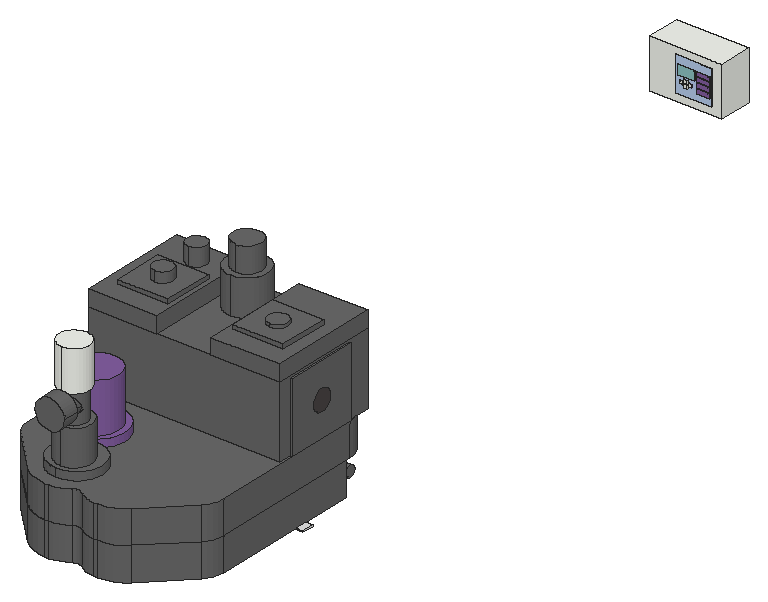
Revit family "11020", category Generic Models, Revit 2021
Family settings
  Can host rebar = No
  Round Connector Dimension = Use Diameter
  Part Type = Normal
  Work Plane-Based = No
  Always vertical = Yes
  Cut with Voids When Loaded = No
  Shared = Yes
  Room Calculation Point = No
Parameters (values of type "11020")
  SUPPLIER = "KESSEL"
  SA700ID49 = "Protection Class I"
  SA700ID48 = "no"
  SA700ID47 = "no"
  SA700ID46 = "yes"
  SA700ID37 = 8000 mm
  SA700ID34 = 40
  SA700ID33 = 1.4 W
  SA700ID32 = 65.03 kg
  SA700ID31 = 1
  SA700ID30 = 1
  SA700ID29 = "RWDR"
  SA700ID21 = 800
  SA700ID10 = "yes"
  SA700ID08 = 400 V
  PROCUREWEBLINK = "https://p.caden.as/kessel/11020"
  PROCURELINK = "p.caden.as/kessel/11020"
  PROCUREDATALASTUPDATE = "2024-05-22T12:18:06.560698681+01:00"
  PREVIEW = "../../_pool_/84/ec/11020.png"
  PRC_SPECIFICATIONLINK = "https://ausschreiben.de/catalog/kessel/catalogItem/b0c105b2-e316-4657-9f4d-a2ca2e2f7594"
  NN = "Lifting station Aqualift F XL"
  NBSYN = "$SA810ID03."
  NB = "11020"
  Model = "11020"
  Manufacturer = "KESSEL"
  MIdent = "{$CADENAS_DATA/23d-libs/kessel/kessel_vdi_import/4/entwaesserung/hebeanlage20aqualift20f20xl.prj},200 {STYP=ASS},{VTYP=3D},{NB=11020},{LINA=11020},{NN=Lifting station Aqualift F XL},{DATE=21.11.2022 10:48:11},{GEOMDATE=21.11.2022 10:48:11},{VERSION=},{LINEID=30},{WBVAR=LODLEVEL},{WBNUMERIC=LODLEVEL}  {NB=11020},{LINA=11020},{KT=DUMMY},{PREVIEW=../../_pool_/84/ec/11020.png},{SA700ID04=Hebeanlage Aqualift F XL 200 l, Mono, SPF 1500-S3, Schieber},{SA810ID06=04026092056875},{SA700ID34=40.00},{SA010ID03=201805},{SA810ID03=11020},{SA810ID10=Aqualift F XL 1500W-S3 Mono 200L m.S.KESSEL Aqualift F XL Hebeanlage für fäkalienhaltiges und fäkalienfreies Abwasser. Zur Aufstellung in frostgeschützten Räumen.Monoanlage mit einer Pumpe des Typs SPF 1500-S3 Sammelbehälter aus Polyethylen, mit verschraubter Reinigungsöffnung,Anschlussstutzen für Zulauf von oben DN100/150.Inklusive Tauchrohr zur pneumatischen Niveauerfassung,Entlüftungsanschluss DN 70 und Anschluss für eine Handmembranpumpe DN 32.Behälter inklusive Haltewinkel zur Auftriebssicherung.Behältervolumen 200 Liter, max. Nutzvolumen bei Zulauf von oben ca. 120 Liter.Zwei seitliche und zwei rückseitige Anbohrflächen zur Montage weiterer Zuläufe bis DN 200 unter Verwendung von Durchgangsdichtungen.Inklusive KESSEL Schaltgerät Aqualift Comfort 400 V.Anwenderfreundliche Menüführung im mehrzeiligem Display. MitSelbstdiagnosesystem (SDS) und Erinnerungsfunktion für nächste Wartung.Anzeige der aktuellen Messwerte. Einfache Einstellung derfunktionsrelevanten Parameter, inklusive Betriebsstundenzähler und potentialfreiem Kontakt. Optionale Weiterleitung von Alarm- und Sammelstörmeldung über GSM Schnittstelle.Schaltgerät mit Volltextanzeige in sechs Sprachen.Abwasserpumpe(n) mit Freistromrad zur Förderung von fäkalienfreiem und fäkalienhaltigem Abwasser gemäß DIN EN 12050-1. Freier Kugeldurchgang mindestens 40 mm. Pumpe(n) überflutungssicher. Inklusive Rückflussverhinderer, mit Druckabgang aus Kunststoff DN 100. Inklusive Absperrschieber.Pumpe(n) Typ SPF 1500-S3Fördermenge: max. 40 m³/hFörderhöhe: max. 8 mNennleistung (P2): 1,1 KW je PumpeAufnahmeleistung (P1): 1,4 KW je PumpeBetriebsspannung: 400 V DSNennfrequenz: 50 HzNennstrom: 2,7 AAbsicherung: 3 x 16 A trägeSchutzart (Pumpe): IP68 3mWS/48hSchutzart (Schaltgerät): IP 54Bertiebsart: S3 (50 % Einschaltdauer)Kabellänge: 5 mAußenmaße Anlage mit 200 Liter Behälter (BxTxH): 760 x 980 x 770 mm},{SA700ID37=8.00},{SA700ID33=1.40},{SA700ID08=400},{SA700ID30=1},{SA700ID32=65.03},{SA700ID49=Schutzklasse I},{SA700ID50=intern},{SA200ID03=6},{SA250ID03=vertikal},{SA260ID03=Trockenläuferpumpe},{SA350ID03=normalansaugend},{SA400ID03=E-Motor für Drehstrom},{SA460ID03=direkt},{SA500ID03=Kunststoff, Edelstahl},{SA700ID06=100},{SA700ID07=100},{SA700ID09=3/N/PE 400V},{SA700ID10=Ja},{SA700ID11=50},{SA700ID12=IP 68},{SA700ID13=F},{SA700ID15=40},{SA700ID21=800.00},{SA700ID22=1.10},{SA700ID23=1415},{SA700ID24=1415},{SA700ID26=2.70},{SA700ID27=21.00},{SA700ID28=durchgehend},{SA700ID29=RWDR},{SA700ID31=1},{SA700ID46=ja},{SA700ID47=nein},{SA700ID48=nein},{SA110ID04=Hebeanlage Aqualift F XL},{SA300ID03=einstufig},{SA700ID44=10.00},{SA700ID45=10.00},{SA010ID04=KESSEL AG},{LODLEVEL=200},{LINK=https://www.kessel.de/info?han=11020},{SA970ID01=970},{SA970ID02=7127},{SA970ID03=11020},{SA970ID04=11002617},{SA970ID05=QUAD},{SA970ID06=-410},{SA970ID07=-850},{SA970ID08=0},{SA970ID09=1},{SA970ID10=0},{SA970ID11=0},{SA970ID12=0},{SA970ID13=1},{SA970ID14=0},{SA970ID15=820},{SA970ID16=980},{SA970ID17=771},{LODLEVEL_=200,'Low'},{LODLEVEL_DEU=200,'Low'},{LINK_=https://www.kessel.de/info?han=11020},{LINK_DEU=https://www.kessel.de/info?han=11020},{LODLEVEL_3DB=11020_200},{DNIN1=100},{DNIN2=70},{DNIN4=10},{DNIN5=50},{DNIN6=50},{DNIN7=50},{DNIN8=50},{DNIN9=0},{DNOUT1=32},{DNOUT2=100},{DNOUT3=70},{ISD1=96},{ISD2=10},{ISDOUT1=40},{ISDOUT2=70},{ISDOUT3=65},{SA010ID01=010},{SA010ID02=4},{SA010ID06=www.kessel.de},{SA010ID07=www.kessel.de},{SA010ID12=20180713},{SA010ID13=DEU},{SA010ID14=DE},{SA100ID01=100},{SA100ID02=4},{SA100ID04=Entwässerung},{SA110ID01=110},{SA110ID02=6},{SA200ID01=200},{SA200ID02=6},{SA250ID01=250},{SA250ID02=2},{SA260ID01=260},{SA260ID02=2},{SA300ID01=300},{SA300ID02=1},{SA350ID01=350},{SA350ID02=1},{SA400ID01=400},{SA400ID02=2},{SA460ID01=460},{SA460ID02=1},{SA500ID01=500},{SA500ID02=1},{SA700ID01=700},{SA700ID02=45},{SA700ID10_=1},{SA700ID16=0},{SA700ID25=0},{SA700ID46_=1},{SA700ID47_=0},{SA700ID48_=0},{SA700ID49_=1},{SA700ID50_=2},{SA800ID01=800},{SA800ID02=9},{SA810ID01=810},{SA810ID02=45},{SA810ID04=11020},{SA810ID07=45},{SA810ID09=1},{SA810ID14=PCE},{SA810ID15=1},{SA810ID16=NMP},{SA960ID03=45},{SA960ID04=3L},{SA960ID08=https://www.kessel.de/info?han=11020},{SA010ID08=4026092000007},{SA100ID05=Hebeanlage},{SA110ID06=Hebeanlage}"
  LINK = "https://www.kessel.de/info?han=11020"
  LINA = "11020"
  Default Elevation = 0 mm
  CREATOR = "CADENAS GmbH"
  CATALOG = "KESSEL"
  BOMINFO = "LINA"
  ARTICLENO = "NB"
  4.810.00.9 Order quantity (multiplicator) = "1"
  4.810.00.7 Media- connection number = "45"
  4.810.00.6 GTIN number = "04026092056875"
  4.810.00.4 DATANORM number = "11020"
  4.810.00.3 Producer order number = "11020"
  4.710.03.7 Mass (net) = 65.03 kg
  4.710.03.6 Height = 807 mm
  4.710.03.5 Width = 760 mm
  4.710.03.4 Length = 980 mm
  4.710.03.3 Type of dimensions = "2"
  4.710.02.8 Area of application of wastewater pump = "1"
  4.710.02.7 Art des S2/S3-Betriebs = "50 %"
  4.710.02.6 Duty type = "S3"
  4.710.02.5 Cutting device = "0"
  4.710.02.4 Attached pump control = "1"
  4.710.02.3 Free passage = 40 mm
  4.710.01.6 Option to connect to building automation = "40"
  4.710.01.5 Load regulation = "0"
  4.710.01.4 Designation of closed-loop control = "120"
  4.710.01.3 Identifier for closed-loop control = "200"
  4.700.00.9 Voltage = 0
  4.700.00.8 Nominal connection size on suction side = "100"
  4.700.00.7 Nominal connection size on pressure side = "100"
  4.700.00.6 Type of connection = "100"
  4.700.00.4 Product indentification = "Hebeanlage Aqualift F XL 200 l, Mono, SPF 1500-S3, Schieber"
  4.700.00.28 Motor pump shaft = "durchgehend"
  4.700.00.27 Starting current = 21
  4.700.00.26 Maximum power consumption per pump / drive = 2.7
  4.700.00.25 Minimum speed at internal speed adjustment = 0
  4.700.00.24 Nominal speed / maximum speed n = 23.5833
  4.700.00.23 Nominal speed of motor = 23.5833
  4.700.00.22 Maximum shaft output (P2) per pump/drive = 1.1 W
  4.700.00.16 Maximum temperature of pumped medium = 0 °C
  4.700.00.15 Increased safety class = "40 °C"
  4.700.00.13 Type of protection = "F"
  4.700.00.12 Frequency = 0
  4.700.00.11 Stern-/Dreieck-Anlaufschaltung bei Dreiphasenanschluss oder Drehstrom = "50 Hz"
  4.700.00.10 Phase = "1"
  4.500.00.3 Variant / Variant type / Accessories-name = "Kunststoff, Edelstahl"
  4.460.00.3 Variant / Variant type / Accessories-name = "direkt"
  4.400.00.3 Variant / Variant type / Accessories-name = "E-Motor für Drehstrom"
  4.350.00.3 Variant / Variant type / Accessories-name = "normalansaugend"
  4.300.00.3 Variant / Variant type / Accessories-name = "einstufig"
  4.260.00.3 Variant / Variant type / Accessories-name = "Trockenläuferpumpe"
  4.250.00.3 Variant / Variant type / Accessories-name = "vertikal"
  4.200.00.3 Variant / Variant type / Accessories-name = "6"
  4.110.00.6 Product classification = "Hebeanlage"
  4.110.00.4 Product indentification = "Hebeanlage Aqualift F XL"
  4.100.00.5 Main groups of wares = "Hebeanlage"
  4.100.00.4 Product indentification = "Entwässerung"
  4.010.00.8 Producer ID number = "4026092000007"
  4.010.00.7 Comment = "www.kessel.de"
  4.010.00.6 Web address of the manufacturer = "www.kessel.de"
  4.010.00.4 Manufacturer name = "KESSEL AG"
  4.010.00.3 Date of issuance (month) of guideline = "201805"
  4.010.00.2 Sheet number of the guideline = "4"
  4.010.00.14 Kennungen der Projektländer, für die die Datei gültig ist = "DE"
  4.010.00.13 Sprache der Datei = "DEU"
  4.010.00.12 Stand des Herstellerkatalogs = "20180713"
Reference planes
  plane 1 "Center (Front/Back)": y = 0
  plane 2: z = 0
  plane 3 "Center (Left/Right)": x = 0
Forms (mm)
  Extrusion 1, void
    sketch origin (380.5, -115, 392) x (0, -1, 0) y (0, 0, 1)
      loop
        line (-0.5, -0.5) -> (0.5, -0.5) -> (0.5, 0.5) -> (-0.5, 0.5) -> (-0.5, -0.5)
    from 0 to 1
  Extrusion 2, void
    sketch origin (160.15, 130.5, 392) x (1, 0, 0) y (0, 0, 1)
      loop
        line (-0.5, -0.5) -> (0.5, -0.5) -> (0.5, 0.5) -> (-0.5, 0.5) -> (-0.5, -0.5)
    from 0 to 1
  Extrusion 3, void
    sketch origin (-161, 130.5, 392) x (1, 0, 0) y (0, 0, 1)
      loop
        line (-0.5, -0.5) -> (0.5, -0.5) -> (0.5, 0.5) -> (-0.5, 0.5) -> (-0.5, -0.5)
    from 0 to 1
  Extrusion 4, void
    sketch origin (-380.5, -115, 392) x (0, 1, 0) y (0, 0, 1)
      loop
        line (-0.5, -0.5) -> (0.5, -0.5) -> (0.5, 0.5) -> (-0.5, 0.5) -> (-0.5, -0.5)
    from 0 to 1
Dimensions and locks
  locked: plane 2 to Extrusion 1 at 392.5
  locked: plane 2 to Extrusion 1 at 391.5
  locked: plane 2 to Extrusion 2 at 392.5
  locked: plane 2 to Extrusion 2 at 391.5
  locked: plane 2 to Extrusion 3 at 392.5
  locked: plane 2 to Extrusion 3 at 391.5
  locked: plane 2 to Extrusion 4 at 392.5
  locked: plane 2 to Extrusion 4 at 391.5
  aligned and locked: level to plane 2
Nested families
  nested 1: "11020_content" at (0, 0, 0), type "11020_Content"
  nested 2: "11020_part1_X0Y0" at (1000, 1000, 1200), type "11020_PART1_X0Y0"
  nested 3: "11020_part2_X0Y0" at (0, 0, 0), type "11020_PART2_X0Y0"
Connectors
  electrical at (911, 934.75, 1201.5)
    settings: on nested 2, index 1, voltage 0 V, apparent load 0 VA, apparent load phase1 0 VA, apparent load phase2 0 VA, apparent load phase3 0 VA, power factor 1, load classification "Other", number of poles 1, system type 31, power factor state 1, is connector primary yes, connector utility no, sub classification motor no, connector description ""
  piping at (0, 0, 771), diameter 100
    settings: on nested 3, index 2, connector inside diameter 609.6 mm, connector length 0 mm, flow factor 0, pipe flow 0.0 L/s, pressure drop 0.0 Pa, fitting loss kfactor 0, connector angle 0.00°, fixture units 0, engagement length 0 mm, angle of deflection 0.00°, flow configuration 0, flow direction 1, fitting loss method 2, system type 8, joint type 0, gender type 0, connector reference index -1, connector utility 0, adjustable connector no, is connector primary yes, connector description ""
  piping at (380.5, -115, 392), diameter 70
    settings: on Extrusion 1, index 3, connector inside diameter 609.6 mm, connector length 0 mm, flow factor 0, pipe flow 0.0 L/s, pressure drop 0.0 Pa, fitting loss kfactor 0, connector angle 0.00°, fixture units 0, engagement length 0 mm, angle of deflection 0.00°, flow configuration 0, flow direction 0, fitting loss method 2, system type 8, joint type 0, gender type 0, connector reference index -1, connector utility 0, adjustable connector no, is connector primary no, connector description ""
  piping at (160.15, 130.5, 392), diameter 70
    settings: on Extrusion 2, index 4, connector inside diameter 609.6 mm, connector length 0 mm, flow factor 0, pipe flow 0.0 L/s, pressure drop 0.0 Pa, fitting loss kfactor 0, connector angle 0.00°, fixture units 0, engagement length 0 mm, angle of deflection 0.00°, flow configuration 0, flow direction 0, fitting loss method 2, system type 8, joint type 0, gender type 0, connector reference index -1, connector utility 0, adjustable connector no, is connector primary no, connector description ""
  piping at (-161, 130.5, 392), diameter 70
    settings: on Extrusion 3, index 5, connector inside diameter 609.6 mm, connector length 0 mm, flow factor 0, pipe flow 0.0 L/s, pressure drop 0.0 Pa, fitting loss kfactor 0, connector angle 0.00°, fixture units 0, engagement length 0 mm, angle of deflection 0.00°, flow configuration 0, flow direction 0, fitting loss method 2, system type 8, joint type 0, gender type 0, connector reference index -1, connector utility 0, adjustable connector no, is connector primary no, connector description ""
  piping at (-380.5, -115, 392), diameter 70
    settings: on Extrusion 4, index 6, connector inside diameter 609.6 mm, connector length 0 mm, flow factor 0, pipe flow 0.0 L/s, pressure drop 0.0 Pa, fitting loss kfactor 0, connector angle 0.00°, fixture units 0, engagement length 0 mm, angle of deflection 0.00°, flow configuration 0, flow direction 0, fitting loss method 2, system type 8, joint type 0, gender type 0, connector reference index -1, connector utility 0, adjustable connector no, is connector primary no, connector description ""
  piping at (-100, -830, 487), diameter 100
    settings: on nested 3, index 7, connector inside diameter 609.6 mm, connector length 0 mm, flow factor 0, pipe flow 0.0 L/s, pressure drop 0.0 Pa, fitting loss kfactor 0, connector angle 0.00°, fixture units 0, engagement length 0 mm, angle of deflection 0.00°, flow configuration 0, flow direction 2, fitting loss method 2, system type 7, joint type 0, gender type 0, connector reference index -1, connector utility 0, adjustable connector no, is connector primary no, connector description ""
  piping at (-225, 36, 661), diameter 70
    settings: on nested 3, index 8, connector inside diameter 609.6 mm, connector length 0 mm, flow factor 0, pipe flow 0.0 L/s, pressure drop 0.0 Pa, fitting loss kfactor 0, connector angle 0.00°, fixture units 0, engagement length 0 mm, angle of deflection 0.00°, flow configuration 0, flow direction 2, fitting loss method 2, system type 7, joint type 0, gender type 0, connector reference index -1, connector utility 0, adjustable connector no, is connector primary no, connector description ""
  piping at (354.5, 56, 60), diameter 32
    settings: on nested 3, index 9, connector inside diameter 609.6 mm, connector length 0 mm, flow factor 0, pipe flow 0.0 L/s, pressure drop 0.0 Pa, fitting loss kfactor 0, connector angle 0.00°, fixture units 0, engagement length 0 mm, angle of deflection 0.00°, flow configuration 0, flow direction 2, fitting loss method 2, system type 7, joint type 0, gender type 0, connector reference index -1, connector utility 0, adjustable connector no, is connector primary no, connector description ""
  electrical at (-185, -496.75, 477)
    settings: on nested 3, index 10, voltage 0 V, apparent load 0 VA, apparent load phase1 0 VA, apparent load phase2 0 VA, apparent load phase3 0 VA, power factor 1, load classification "Other", number of poles 1, system type 31, power factor state 1, is connector primary no, connector utility no, sub classification motor no, connector description ""
  electrical at (-222.5, -129, 650)
    settings: on nested 3, index 11, voltage 0 V, apparent load 0 VA, apparent load phase1 0 VA, apparent load phase2 0 VA, apparent load phase3 0 VA, power factor 1, load classification "Other", number of poles 1, system type 31, power factor state 1, is connector primary no, connector utility no, sub classification motor no, connector description ""
Definition of nested family "11020_part1_X0Y0"
  Parameters (values of type "11020_PART1_X0Y0")
    SUPPLIER = "KESSEL"
    SA700ID49 = "Protection Class I"
    SA700ID48 = "no"
    SA700ID47 = "no"
    SA700ID46 = "yes"
    SA700ID37 = 8000 mm
    SA700ID34 = 40
    SA700ID33 = 1.4 W
    SA700ID32 = 65.03 kg
    SA700ID31 = 1
    SA700ID30 = 1
    SA700ID29 = "RWDR"
    SA700ID21 = 800
    SA700ID10 = "yes"
    SA700ID08 = 400 V
    PREVIEW = "../../_pool_/84/ec/11020.png"
    NBSYN = "$SA810ID03._PART1"
    NB = "11020_PART1"
    Model = "11020_PART1"
    Manufacturer = "KESSEL"
    MIdent = "{$CADENAS_DATA/23d-libs/kessel/kessel_vdi_import/4/entwaesserung/hebeanlage20aqualift20f20xl.prj},220 {VTYP=3D},{NB=11020_PART1},{LINA=11020_PART1},{NN=Lifting station Aqualift F XL_PART1},{NOPRJ=TRUE},{DATE=21.11.2022 10:48:11},{GEOMDATE=21.11.2022 10:48:11},{VERSION=},{LINEID=30},{WBVAR=LODLEVEL},{WBNUMERIC=LODLEVEL}  {NB=11020_PART1},{LINA=11020_PART1},{KT=DUMMY},{PREVIEW=../../_pool_/84/ec/11020.png},{SA700ID04=Hebeanlage Aqualift F XL 200 l, Mono, SPF 1500-S3, Schieber},{SA810ID06=04026092056875},{SA700ID34=40.00},{SA010ID03=201805},{SA810ID03=11020},{SA810ID10=Aqualift F XL 1500W-S3 Mono 200L m.S.KESSEL Aqualift F XL Hebeanlage für fäkalienhaltiges und fäkalienfreies Abwasser. Zur Aufstellung in frostgeschützten Räumen.Monoanlage mit einer Pumpe des Typs SPF 1500-S3 Sammelbehälter aus Polyethylen, mit verschraubter Reinigungsöffnung,Anschlussstutzen für Zulauf von oben DN100/150.Inklusive Tauchrohr zur pneumatischen Niveauerfassung,Entlüftungsanschluss DN 70 und Anschluss für eine Handmembranpumpe DN 32.Behälter inklusive Haltewinkel zur Auftriebssicherung.Behältervolumen 200 Liter, max. Nutzvolumen bei Zulauf von oben ca. 120 Liter.Zwei seitliche und zwei rückseitige Anbohrflächen zur Montage weiterer Zuläufe bis DN 200 unter Verwendung von Durchgangsdichtungen.Inklusive KESSEL Schaltgerät Aqualift Comfort 400 V.Anwenderfreundliche Menüführung im mehrzeiligem Display. MitSelbstdiagnosesystem (SDS) und Erinnerungsfunktion für nächste Wartung.Anzeige der aktuellen Messwerte. Einfache Einstellung derfunktionsrelevanten Parameter, inklusive Betriebsstundenzähler und potentialfreiem Kontakt. Optionale Weiterleitung von Alarm- und Sammelstörmeldung über GSM Schnittstelle.Schaltgerät mit Volltextanzeige in sechs Sprachen.Abwasserpumpe(n) mit Freistromrad zur Förderung von fäkalienfreiem und fäkalienhaltigem Abwasser gemäß DIN EN 12050-1. Freier Kugeldurchgang mindestens 40 mm. Pumpe(n) überflutungssicher. Inklusive Rückflussverhinderer, mit Druckabgang aus Kunststoff DN 100. Inklusive Absperrschieber.Pumpe(n) Typ SPF 1500-S3Fördermenge: max. 40 m³/hFörderhöhe: max. 8 mNennleistung (P2): 1,1 KW je PumpeAufnahmeleistung (P1): 1,4 KW je PumpeBetriebsspannung: 400 V DSNennfrequenz: 50 HzNennstrom: 2,7 AAbsicherung: 3 x 16 A trägeSchutzart (Pumpe): IP68 3mWS/48hSchutzart (Schaltgerät): IP 54Bertiebsart: S3 (50 % Einschaltdauer)Kabellänge: 5 mAußenmaße Anlage mit 200 Liter Behälter (BxTxH): 760 x 980 x 770 mm},{SA700ID37=8.00},{SA700ID33=1.40},{SA700ID08=400},{SA700ID30=1},{SA700ID32=65.03},{SA700ID49=Schutzklasse I},{SA700ID50=intern},{SA200ID03=6},{SA250ID03=vertikal},{SA260ID03=Trockenläuferpumpe},{SA350ID03=normalansaugend},{SA400ID03=E-Motor für Drehstrom},{SA460ID03=direkt},{SA500ID03=Kunststoff, Edelstahl},{SA700ID06=100},{SA700ID07=100},{SA700ID09=3/N/PE 400V},{SA700ID10=Ja},{SA700ID11=50},{SA700ID12=IP 68},{SA700ID13=F},{SA700ID15=40},{SA700ID21=800.00},{SA700ID22=1.10},{SA700ID23=1415},{SA700ID24=1415},{SA700ID26=2.70},{SA700ID27=21.00},{SA700ID28=durchgehend},{SA700ID29=RWDR},{SA700ID31=1},{SA700ID46=ja},{SA700ID47=nein},{SA700ID48=nein},{SA110ID04=Hebeanlage Aqualift F XL},{SA300ID03=einstufig},{SA700ID44=10.00},{SA700ID45=10.00},{SA010ID04=KESSEL AG},{LODLEVEL=200},{LINK=https://www.kessel.de/info?han=11020},{SA970ID01=970},{SA970ID02=7127},{SA970ID03=11020},{SA970ID04=11002617},{SA970ID05=QUAD},{SA970ID06=-410},{SA970ID07=-850},{SA970ID08=0},{SA970ID09=1},{SA970ID10=0},{SA970ID11=0},{SA970ID12=0},{SA970ID13=1},{SA970ID14=0},{SA970ID15=820},{SA970ID16=980},{SA970ID17=771},{LODLEVEL_=200,'Low'},{LODLEVEL_DEU=200,'Low'},{LINK_=https://www.kessel.de/info?han=11020},{LINK_DEU=https://www.kessel.de/info?han=11020},{LODLEVEL_3DB=11020_200},{DNIN1=100},{DNIN2=70},{DNIN4=10},{DNIN5=50},{DNIN6=50},{DNIN7=50},{DNIN8=50},{DNIN9=0},{DNOUT1=32},{DNOUT2=100},{DNOUT3=70},{ISD1=96},{ISD2=10},{ISDOUT1=40},{ISDOUT2=70},{ISDOUT3=65},{SA010ID01=010},{SA010ID02=4},{SA010ID06=www.kessel.de},{SA010ID07=www.kessel.de},{SA010ID12=20180713},{SA010ID13=DEU},{SA010ID14=DE},{SA100ID01=100},{SA100ID02=4},{SA100ID04=Entwässerung},{SA110ID01=110},{SA110ID02=6},{SA200ID01=200},{SA200ID02=6},{SA250ID01=250},{SA250ID02=2},{SA260ID01=260},{SA260ID02=2},{SA300ID01=300},{SA300ID02=1},{SA350ID01=350},{SA350ID02=1},{SA400ID01=400},{SA400ID02=2},{SA460ID01=460},{SA460ID02=1},{SA500ID01=500},{SA500ID02=1},{SA700ID01=700},{SA700ID02=45},{SA700ID10_=1},{SA700ID16=0},{SA700ID25=0},{SA700ID46_=1},{SA700ID47_=0},{SA700ID48_=0},{SA700ID49_=1},{SA700ID50_=2},{SA800ID01=800},{SA800ID02=9},{SA810ID01=810},{SA810ID02=45},{SA810ID04=11020},{SA810ID07=45},{SA810ID09=1},{SA810ID14=PCE},{SA810ID15=1},{SA810ID16=NMP},{SA960ID03=45},{SA960ID04=3L},{SA960ID08=https://www.kessel.de/info?han=11020},{SA010ID08=4026092000007},{SA100ID05=Hebeanlage},{SA110ID06=Hebeanlage}"
    LINK = "https://www.kessel.de/info?han=11020"
    LINA = "11020_PART1"
    Default Elevation = 1219.2 mm
    CREATOR = "CADENAS GmbH"
    CATALOG = "KESSEL"
    BOMINFO = "LINA"
    ARTICLENO = "NB"
    4.810.00.9 Order quantity (multiplicator) = "1"
    4.810.00.7 Media- connection number = "45"
    4.810.00.6 GTIN number = "04026092056875"
    4.810.00.4 DATANORM number = "11020"
    4.810.00.3 Producer order number = "11020"
    4.710.03.7 Mass (net) = 65.03 kg
    4.710.03.6 Height = 807 mm
    4.710.03.5 Width = 760 mm
    4.710.03.4 Length = 980 mm
    4.710.03.3 Type of dimensions = "2"
    4.710.02.8 Area of application of wastewater pump = "1"
    4.710.02.7 Art des S2/S3-Betriebs = "50 %"
    4.710.02.6 Duty type = "S3"
    4.710.02.5 Cutting device = "0"
    4.710.02.4 Attached pump control = "1"
    4.710.02.3 Free passage = 40 mm
    4.710.01.6 Option to connect to building automation = "40"
    4.710.01.5 Load regulation = "0"
    4.710.01.4 Designation of closed-loop control = "120"
    4.710.01.3 Identifier for closed-loop control = "200"
    4.700.00.9 Voltage = 0
    4.700.00.8 Nominal connection size on suction side = "100"
    4.700.00.7 Nominal connection size on pressure side = "100"
    4.700.00.6 Type of connection = "100"
    4.700.00.4 Product indentification = "Hebeanlage Aqualift F XL 200 l, Mono, SPF 1500-S3, Schieber"
    4.700.00.28 Motor pump shaft = "durchgehend"
    4.700.00.27 Starting current = 21
    4.700.00.26 Maximum power consumption per pump / drive = 2.7
    4.700.00.25 Minimum speed at internal speed adjustment = 0
    4.700.00.24 Nominal speed / maximum speed n = 23.5833
    4.700.00.23 Nominal speed of motor = 23.5833
    4.700.00.22 Maximum shaft output (P2) per pump/drive = 1.1 W
    4.700.00.16 Maximum temperature of pumped medium = 0 °C
    4.700.00.15 Increased safety class = "40 °C"
    4.700.00.13 Type of protection = "F"
    4.700.00.12 Frequency = 0
    4.700.00.11 Stern-/Dreieck-Anlaufschaltung bei Dreiphasenanschluss oder Drehstrom = "50 Hz"
    4.700.00.10 Phase = "1"
    4.500.00.3 Variant / Variant type / Accessories-name = "Kunststoff, Edelstahl"
    4.460.00.3 Variant / Variant type / Accessories-name = "direkt"
    4.400.00.3 Variant / Variant type / Accessories-name = "E-Motor für Drehstrom"
    4.350.00.3 Variant / Variant type / Accessories-name = "normalansaugend"
    4.300.00.3 Variant / Variant type / Accessories-name = "einstufig"
    4.260.00.3 Variant / Variant type / Accessories-name = "Trockenläuferpumpe"
    4.250.00.3 Variant / Variant type / Accessories-name = "vertikal"
    4.200.00.3 Variant / Variant type / Accessories-name = "6"
    4.110.00.6 Product classification = "Hebeanlage"
    4.110.00.4 Product indentification = "Hebeanlage Aqualift F XL"
    4.100.00.5 Main groups of wares = "Hebeanlage"
    4.100.00.4 Product indentification = "Entwässerung"
    4.010.00.8 Producer ID number = "4026092000007"
    4.010.00.7 Comment = "www.kessel.de"
    4.010.00.6 Web address of the manufacturer = "www.kessel.de"
    4.010.00.4 Manufacturer name = "KESSEL AG"
    4.010.00.3 Date of issuance (month) of guideline = "201805"
    4.010.00.2 Sheet number of the guideline = "4"
    4.010.00.14 Kennungen der Projektländer, für die die Datei gültig ist = "DE"
    4.010.00.13 Sprache der Datei = "DEU"
    4.010.00.12 Stand des Herstellerkatalogs = "20180713"
  Reference planes
    plane 1 "Center (Front/Back)": y = 0
    plane 2: z = 0
    plane 3 "Center (Left/Right)": x = 0
  Dimensions and locks
    aligned and locked: level to plane 2
  Nested families
    nested 1: "11020_part1_content" at (0, 0, 0), type "11020_PART1_Content"
  Definition of nested family "11020_part1_content"
    Parameters (values of type "11020_PART1_Content")
      SUPPLIER = "KESSEL"
      SA700ID49 = "Protection Class I"
      SA700ID48 = "no"
      SA700ID47 = "no"
      SA700ID46 = "yes"
      SA700ID37 = 8000 mm
      SA700ID34 = 40
      SA700ID33 = 1.4 W
      SA700ID32 = 65.03 kg
      SA700ID31 = 1
      SA700ID30 = 1
      SA700ID29 = "RWDR"
      SA700ID21 = 800
      SA700ID10 = "yes"
      SA700ID08 = 400 V
      PREVIEW = "../../_pool_/84/ec/11020.png"
      NBSYN = "$SA810ID03._PART1"
      NB = "11020_PART1"
      Model = "11020_PART1"
      Manufacturer = "KESSEL"
      LINK = "https://www.kessel.de/info?han=11020"
      LINA = "11020_PART1"
      Default Elevation = 1219.2 mm
      CREATOR = "CADENAS GmbH"
      CATALOG = "KESSEL"
      BOMINFO = "LINA"
      ARTICLENO = "NB"
      4.810.00.9 Order quantity (multiplicator) = "1"
      4.810.00.7 Media- connection number = "45"
      4.810.00.6 GTIN number = "04026092056875"
      4.810.00.4 DATANORM number = "11020"
      4.810.00.3 Producer order number = "11020"
      4.710.03.7 Mass (net) = 65.03 kg
      4.710.03.6 Height = 807 mm
      4.710.03.5 Width = 760 mm
      4.710.03.4 Length = 980 mm
      4.710.03.3 Type of dimensions = "2"
      4.710.02.8 Area of application of wastewater pump = "1"
      4.710.02.7 Art des S2/S3-Betriebs = "50 %"
      4.710.02.6 Duty type = "S3"
      4.710.02.5 Cutting device = "0"
      4.710.02.4 Attached pump control = "1"
      4.710.02.3 Free passage = 40 mm
      4.710.01.6 Option to connect to building automation = "40"
      4.710.01.5 Load regulation = "0"
      4.710.01.4 Designation of closed-loop control = "120"
      4.710.01.3 Identifier for closed-loop control = "200"
      4.700.00.9 Voltage = 0
      4.700.00.8 Nominal connection size on suction side = "100"
      4.700.00.7 Nominal connection size on pressure side = "100"
      4.700.00.6 Type of connection = "100"
      4.700.00.4 Product indentification = "Hebeanlage Aqualift F XL 200 l, Mono, SPF 1500-S3, Schieber"
      4.700.00.28 Motor pump shaft = "durchgehend"
      4.700.00.27 Starting current = 21
      4.700.00.26 Maximum power consumption per pump / drive = 2.7
      4.700.00.25 Minimum speed at internal speed adjustment = 0
      4.700.00.24 Nominal speed / maximum speed n = 23.5833
      4.700.00.23 Nominal speed of motor = 23.5833
      4.700.00.22 Maximum shaft output (P2) per pump/drive = 1.1 W
      4.700.00.16 Maximum temperature of pumped medium = 0 °C
      4.700.00.15 Increased safety class = "40 °C"
      4.700.00.13 Type of protection = "F"
      4.700.00.12 Frequency = 0
      4.700.00.11 Stern-/Dreieck-Anlaufschaltung bei Dreiphasenanschluss oder Drehstrom = "50 Hz"
      4.700.00.10 Phase = "1"
      4.500.00.3 Variant / Variant type / Accessories-name = "Kunststoff, Edelstahl"
      4.460.00.3 Variant / Variant type / Accessories-name = "direkt"
      4.400.00.3 Variant / Variant type / Accessories-name = "E-Motor für Drehstrom"
      4.350.00.3 Variant / Variant type / Accessories-name = "normalansaugend"
      4.300.00.3 Variant / Variant type / Accessories-name = "einstufig"
      4.260.00.3 Variant / Variant type / Accessories-name = "Trockenläuferpumpe"
      4.250.00.3 Variant / Variant type / Accessories-name = "vertikal"
      4.200.00.3 Variant / Variant type / Accessories-name = "6"
      4.110.00.6 Product classification = "Hebeanlage"
      4.110.00.4 Product indentification = "Hebeanlage Aqualift F XL"
      4.100.00.5 Main groups of wares = "Hebeanlage"
      4.100.00.4 Product indentification = "Entwässerung"
      4.010.00.8 Producer ID number = "4026092000007"
      4.010.00.7 Comment = "www.kessel.de"
      4.010.00.6 Web address of the manufacturer = "www.kessel.de"
      4.010.00.4 Manufacturer name = "KESSEL AG"
      4.010.00.3 Date of issuance (month) of guideline = "201805"
      4.010.00.2 Sheet number of the guideline = "4"
      4.010.00.14 Kennungen der Projektländer, für die die Datei gültig ist = "DE"
      4.010.00.13 Sprache der Datei = "DEU"
      4.010.00.12 Stand des Herstellerkatalogs = "20180713"
    Reference planes
      plane 1 "Center (Front/Back)": y = 0
      plane 2: z = 0
      plane 3 "Center (Left/Right)": x = 0
    Forms (mm)
      Extrusion 1, solid, detail levels medium+fine
        sketch origin (139, 0, 0.2) x (0, -1, 0) y (0, 0, 1)
          loop
            line (0, 187.8) -> (0, 0) -> (127.75, 0) -> (127.75, 187.8) -> (0, 187.8)
        from 0 to 278
      Extrusion 2, solid, detail levels medium+fine
        sketch origin (101, -127.75, 26.5) x (0, -1, 0) y (0, 0, 1)
          loop
            line (-1.2, 134.8) -> (-1.2, 0) -> (0.25, 0) -> (0.25, 134.8) -> (-1.2, 134.8)
        from 0 to 139.9
      Extrusion 3, solid, detail levels medium+fine
        sketch origin (22.75, -128, 66) x (0, -1, 0) y (0, 0, 1)
          loop
            line (-1, 12) -> (-1, 0) -> (0.5, 0) -> (0.5, 12) -> (-1, 12)
        from 0 to 12
      Extrusion 4, solid, detail levels medium+fine
        sketch origin (34.65, -128, 93.4) x (0, -1, 0) y (0, 0, 1)
          loop
            line (-1, 37) -> (-1, 0) -> (0.5, 0) -> (0.5, 37) -> (-1, 37)
        from 0 to 66
      Extrusion 5, solid, detail levels medium+fine
        sketch origin (5.5, -128, 74) x (0, -1, 0) y (0, 0, 1)
          loop
            line (-1, 12) -> (-1, 0) -> (0.5, 0) -> (0.5, 12) -> (-1, 12)
        from 0 to 12
      Extrusion 6, solid, detail levels medium+fine
        sketch origin (93.5, -128, 94.4) x (0, -1, 0) y (0, 0, 1)
          loop
            line (0, 16) -> (0, 0) -> (1.75, 0) -> (1.75, 16) -> (0, 16)
        from 0 to 51
      Extrusion 7, solid, detail levels medium+fine
        sketch origin (93.5, -128, 74.4) x (0, -1, 0) y (0, 0, 1)
          loop
            line (0, 16) -> (0, 0) -> (1.75, 0) -> (1.75, 16) -> (0, 16)
        from 0 to 51
      Extrusion 8, solid, detail levels medium+fine
        sketch origin (5.5, -128, 57.5) x (0, -1, 0) y (0, 0, 1)
          loop
            line (-1, 12) -> (-1, 0) -> (0.5, 0) -> (0.5, 12) -> (-1, 12)
        from 0 to 12
      Extrusion 9, solid, detail levels medium+fine
        sketch origin (93.5, -128, 114.4) x (0, -1, 0) y (0, 0, 1)
          loop
            line (0, 16) -> (0, 0) -> (1.75, 0) -> (1.75, 16) -> (0, 16)
        from 0 to 51
      Extrusion 10, solid, detail levels medium+fine
        sketch origin (93.5, -128, 54.4) x (0, -1, 0) y (0, 0, 1)
          loop
            line (0, 16) -> (0, 0) -> (1.75, 0) -> (1.75, 16) -> (0, 16)
        from 0 to 51
      Extrusion 11, solid, detail levels medium+fine
        sketch origin (-11.75, -128, 66) x (0, -1, 0) y (0, 0, 1)
          loop
            line (-1, 12) -> (-1, 0) -> (0.5, 0) -> (0.5, 12) -> (-1, 12)
        from 0 to 12
      Extrusion 12, solid, detail levels medium+fine
        sketch origin (12, -40.25, 0) x (0, 1, 0) y (-1, 0, 0)
          loop
            circle (0, 0) r 5.25
        from 0 to 1.5
      Extrusion 13, solid, detail levels medium+fine
        sketch origin (27, -70.25, 0) x (0, 1, 0) y (-1, 0, 0)
          loop
            circle (0, 0) r 8
        from 0 to 1.5
      Extrusion 14, solid, detail levels medium+fine
        sketch origin (-44, -65.25, 0) x (0, 1, 0) y (-1, 0, 0)
          loop
            circle (0, 0) r 12.5
        from 0 to 1.5
      Extrusion 15, solid, detail levels medium+fine
        sketch origin (42, -42, 0) x (0, 1, 0) y (-1, 0, 0)
          loop
            circle (0, 0) r 8
        from 0 to 1.5
      Extrusion 16, solid, detail levels medium+fine
        sketch origin (57, -70.25, 0) x (0, 1, 0) y (-1, 0, 0)
          loop
            circle (0, 0) r 8
        from 0 to 1.5
      Extrusion 17, solid, detail levels medium+fine
        sketch origin (72, -42, 0) x (0, 1, 0) y (-1, 0, 0)
          loop
            circle (0, 0) r 8
        from 0 to 1.5
      Extrusion 18, solid, detail levels medium+fine
        sketch origin (87, -70.25, 0) x (0, 1, 0) y (-1, 0, 0)
          loop
            circle (0, 0) r 8
        from 0 to 1.5
      Extrusion 19, solid, detail levels medium+fine
        sketch origin (-89, -65.25, 0) x (0, 1, 0) y (-1, 0, 0)
          loop
            circle (0, 0) r 12.5
        from 0 to 1.5
      Extrusion 20, solid, detail levels medium+fine
        sketch origin (77, -15, 0) x (0, 1, 0) y (-1, 0, 0)
          loop
            circle (0, 0) r 6
        from 0 to 1.5
      Extrusion 21, solid, detail levels medium+fine
        sketch origin (102, -42, 0) x (0, 1, 0) y (-1, 0, 0)
          loop
            circle (0, 0) r 8
        from 0 to 1.5
      Extrusion 22, solid, detail levels coarse
        sketch origin (0, -64.875, 0) x (1, 0, 0) y (0, 1, 0)
          loop
            line (-139, -64.875) -> (139, -64.875) -> (139, 64.875) -> (-139, 64.875) -> (-139, -64.875)
        from 0 to 188
    Dimensions and locks
      aligned and locked: level to plane 2
Definition of nested family "11020_part2_X0Y0"
  Parameters (values of type "11020_PART2_X0Y0")
    SUPPLIER = "KESSEL"
    SA700ID49 = "Protection Class I"
    SA700ID48 = "no"
    SA700ID47 = "no"
    SA700ID46 = "yes"
    SA700ID37 = 8000 mm
    SA700ID34 = 40
    SA700ID33 = 1.4 W
    SA700ID32 = 65.03 kg
    SA700ID31 = 1
    SA700ID30 = 1
    SA700ID29 = "RWDR"
    SA700ID21 = 800
    SA700ID10 = "yes"
    SA700ID08 = 400 V
    PREVIEW = "../../_pool_/84/ec/11020.png"
    NBSYN = "$SA810ID03._PART2"
    NB = "11020_PART2"
    Model = "11020_PART2"
    Manufacturer = "KESSEL"
    MIdent = "{$CADENAS_DATA/23d-libs/kessel/kessel_vdi_import/4/entwaesserung/hebeanlage20aqualift20f20xl.prj},220 {VTYP=3D},{NB=11020_PART2},{LINA=11020_PART2},{NN=Lifting station Aqualift F XL_PART2},{NOPRJ=TRUE},{DATE=21.11.2022 10:48:11},{GEOMDATE=21.11.2022 10:48:11},{VERSION=},{LINEID=30},{WBVAR=LODLEVEL},{WBNUMERIC=LODLEVEL}  {NB=11020_PART2},{LINA=11020_PART2},{KT=DUMMY},{PREVIEW=../../_pool_/84/ec/11020.png},{SA700ID04=Hebeanlage Aqualift F XL 200 l, Mono, SPF 1500-S3, Schieber},{SA810ID06=04026092056875},{SA700ID34=40.00},{SA010ID03=201805},{SA810ID03=11020},{SA810ID10=Aqualift F XL 1500W-S3 Mono 200L m.S.KESSEL Aqualift F XL Hebeanlage für fäkalienhaltiges und fäkalienfreies Abwasser. Zur Aufstellung in frostgeschützten Räumen.Monoanlage mit einer Pumpe des Typs SPF 1500-S3 Sammelbehälter aus Polyethylen, mit verschraubter Reinigungsöffnung,Anschlussstutzen für Zulauf von oben DN100/150.Inklusive Tauchrohr zur pneumatischen Niveauerfassung,Entlüftungsanschluss DN 70 und Anschluss für eine Handmembranpumpe DN 32.Behälter inklusive Haltewinkel zur Auftriebssicherung.Behältervolumen 200 Liter, max. Nutzvolumen bei Zulauf von oben ca. 120 Liter.Zwei seitliche und zwei rückseitige Anbohrflächen zur Montage weiterer Zuläufe bis DN 200 unter Verwendung von Durchgangsdichtungen.Inklusive KESSEL Schaltgerät Aqualift Comfort 400 V.Anwenderfreundliche Menüführung im mehrzeiligem Display. MitSelbstdiagnosesystem (SDS) und Erinnerungsfunktion für nächste Wartung.Anzeige der aktuellen Messwerte. Einfache Einstellung derfunktionsrelevanten Parameter, inklusive Betriebsstundenzähler und potentialfreiem Kontakt. Optionale Weiterleitung von Alarm- und Sammelstörmeldung über GSM Schnittstelle.Schaltgerät mit Volltextanzeige in sechs Sprachen.Abwasserpumpe(n) mit Freistromrad zur Förderung von fäkalienfreiem und fäkalienhaltigem Abwasser gemäß DIN EN 12050-1. Freier Kugeldurchgang mindestens 40 mm. Pumpe(n) überflutungssicher. Inklusive Rückflussverhinderer, mit Druckabgang aus Kunststoff DN 100. Inklusive Absperrschieber.Pumpe(n) Typ SPF 1500-S3Fördermenge: max. 40 m³/hFörderhöhe: max. 8 mNennleistung (P2): 1,1 KW je PumpeAufnahmeleistung (P1): 1,4 KW je PumpeBetriebsspannung: 400 V DSNennfrequenz: 50 HzNennstrom: 2,7 AAbsicherung: 3 x 16 A trägeSchutzart (Pumpe): IP68 3mWS/48hSchutzart (Schaltgerät): IP 54Bertiebsart: S3 (50 % Einschaltdauer)Kabellänge: 5 mAußenmaße Anlage mit 200 Liter Behälter (BxTxH): 760 x 980 x 770 mm},{SA700ID37=8.00},{SA700ID33=1.40},{SA700ID08=400},{SA700ID30=1},{SA700ID32=65.03},{SA700ID49=Schutzklasse I},{SA700ID50=intern},{SA200ID03=6},{SA250ID03=vertikal},{SA260ID03=Trockenläuferpumpe},{SA350ID03=normalansaugend},{SA400ID03=E-Motor für Drehstrom},{SA460ID03=direkt},{SA500ID03=Kunststoff, Edelstahl},{SA700ID06=100},{SA700ID07=100},{SA700ID09=3/N/PE 400V},{SA700ID10=Ja},{SA700ID11=50},{SA700ID12=IP 68},{SA700ID13=F},{SA700ID15=40},{SA700ID21=800.00},{SA700ID22=1.10},{SA700ID23=1415},{SA700ID24=1415},{SA700ID26=2.70},{SA700ID27=21.00},{SA700ID28=durchgehend},{SA700ID29=RWDR},{SA700ID31=1},{SA700ID46=ja},{SA700ID47=nein},{SA700ID48=nein},{SA110ID04=Hebeanlage Aqualift F XL},{SA300ID03=einstufig},{SA700ID44=10.00},{SA700ID45=10.00},{SA010ID04=KESSEL AG},{LODLEVEL=200},{LINK=https://www.kessel.de/info?han=11020},{SA970ID01=970},{SA970ID02=7127},{SA970ID03=11020},{SA970ID04=11002617},{SA970ID05=QUAD},{SA970ID06=-410},{SA970ID07=-850},{SA970ID08=0},{SA970ID09=1},{SA970ID10=0},{SA970ID11=0},{SA970ID12=0},{SA970ID13=1},{SA970ID14=0},{SA970ID15=820},{SA970ID16=980},{SA970ID17=771},{LODLEVEL_=200,'Low'},{LODLEVEL_DEU=200,'Low'},{LINK_=https://www.kessel.de/info?han=11020},{LINK_DEU=https://www.kessel.de/info?han=11020},{LODLEVEL_3DB=11020_200},{DNIN1=100},{DNIN2=70},{DNIN4=10},{DNIN5=50},{DNIN6=50},{DNIN7=50},{DNIN8=50},{DNIN9=0},{DNOUT1=32},{DNOUT2=100},{DNOUT3=70},{ISD1=96},{ISD2=10},{ISDOUT1=40},{ISDOUT2=70},{ISDOUT3=65},{SA010ID01=010},{SA010ID02=4},{SA010ID06=www.kessel.de},{SA010ID07=www.kessel.de},{SA010ID12=20180713},{SA010ID13=DEU},{SA010ID14=DE},{SA100ID01=100},{SA100ID02=4},{SA100ID04=Entwässerung},{SA110ID01=110},{SA110ID02=6},{SA200ID01=200},{SA200ID02=6},{SA250ID01=250},{SA250ID02=2},{SA260ID01=260},{SA260ID02=2},{SA300ID01=300},{SA300ID02=1},{SA350ID01=350},{SA350ID02=1},{SA400ID01=400},{SA400ID02=2},{SA460ID01=460},{SA460ID02=1},{SA500ID01=500},{SA500ID02=1},{SA700ID01=700},{SA700ID02=45},{SA700ID10_=1},{SA700ID16=0},{SA700ID25=0},{SA700ID46_=1},{SA700ID47_=0},{SA700ID48_=0},{SA700ID49_=1},{SA700ID50_=2},{SA800ID01=800},{SA800ID02=9},{SA810ID01=810},{SA810ID02=45},{SA810ID04=11020},{SA810ID07=45},{SA810ID09=1},{SA810ID14=PCE},{SA810ID15=1},{SA810ID16=NMP},{SA960ID03=45},{SA960ID04=3L},{SA960ID08=https://www.kessel.de/info?han=11020},{SA010ID08=4026092000007},{SA100ID05=Hebeanlage},{SA110ID06=Hebeanlage}"
    LINK = "https://www.kessel.de/info?han=11020"
    LINA = "11020_PART2"
    Default Elevation = 1219.2 mm
    CREATOR = "CADENAS GmbH"
    CATALOG = "KESSEL"
    BOMINFO = "LINA"
    ARTICLENO = "NB"
    4.810.00.9 Order quantity (multiplicator) = "1"
    4.810.00.7 Media- connection number = "45"
    4.810.00.6 GTIN number = "04026092056875"
    4.810.00.4 DATANORM number = "11020"
    4.810.00.3 Producer order number = "11020"
    4.710.03.7 Mass (net) = 65.03 kg
    4.710.03.6 Height = 807 mm
    4.710.03.5 Width = 760 mm
    4.710.03.4 Length = 980 mm
    4.710.03.3 Type of dimensions = "2"
    4.710.02.8 Area of application of wastewater pump = "1"
    4.710.02.7 Art des S2/S3-Betriebs = "50 %"
    4.710.02.6 Duty type = "S3"
    4.710.02.5 Cutting device = "0"
    4.710.02.4 Attached pump control = "1"
    4.710.02.3 Free passage = 40 mm
    4.710.01.6 Option to connect to building automation = "40"
    4.710.01.5 Load regulation = "0"
    4.710.01.4 Designation of closed-loop control = "120"
    4.710.01.3 Identifier for closed-loop control = "200"
    4.700.00.9 Voltage = 0
    4.700.00.8 Nominal connection size on suction side = "100"
    4.700.00.7 Nominal connection size on pressure side = "100"
    4.700.00.6 Type of connection = "100"
    4.700.00.4 Product indentification = "Hebeanlage Aqualift F XL 200 l, Mono, SPF 1500-S3, Schieber"
    4.700.00.28 Motor pump shaft = "durchgehend"
    4.700.00.27 Starting current = 21
    4.700.00.26 Maximum power consumption per pump / drive = 2.7
    4.700.00.25 Minimum speed at internal speed adjustment = 0
    4.700.00.24 Nominal speed / maximum speed n = 23.5833
    4.700.00.23 Nominal speed of motor = 23.5833
    4.700.00.22 Maximum shaft output (P2) per pump/drive = 1.1 W
    4.700.00.16 Maximum temperature of pumped medium = 0 °C
    4.700.00.15 Increased safety class = "40 °C"
    4.700.00.13 Type of protection = "F"
    4.700.00.12 Frequency = 0
    4.700.00.11 Stern-/Dreieck-Anlaufschaltung bei Dreiphasenanschluss oder Drehstrom = "50 Hz"
    4.700.00.10 Phase = "1"
    4.500.00.3 Variant / Variant type / Accessories-name = "Kunststoff, Edelstahl"
    4.460.00.3 Variant / Variant type / Accessories-name = "direkt"
    4.400.00.3 Variant / Variant type / Accessories-name = "E-Motor für Drehstrom"
    4.350.00.3 Variant / Variant type / Accessories-name = "normalansaugend"
    4.300.00.3 Variant / Variant type / Accessories-name = "einstufig"
    4.260.00.3 Variant / Variant type / Accessories-name = "Trockenläuferpumpe"
    4.250.00.3 Variant / Variant type / Accessories-name = "vertikal"
    4.200.00.3 Variant / Variant type / Accessories-name = "6"
    4.110.00.6 Product classification = "Hebeanlage"
    4.110.00.4 Product indentification = "Hebeanlage Aqualift F XL"
    4.100.00.5 Main groups of wares = "Hebeanlage"
    4.100.00.4 Product indentification = "Entwässerung"
    4.010.00.8 Producer ID number = "4026092000007"
    4.010.00.7 Comment = "www.kessel.de"
    4.010.00.6 Web address of the manufacturer = "www.kessel.de"
    4.010.00.4 Manufacturer name = "KESSEL AG"
    4.010.00.3 Date of issuance (month) of guideline = "201805"
    4.010.00.2 Sheet number of the guideline = "4"
    4.010.00.14 Kennungen der Projektländer, für die die Datei gültig ist = "DE"
    4.010.00.13 Sprache der Datei = "DEU"
    4.010.00.12 Stand des Herstellerkatalogs = "20180713"
  Reference planes
    plane 1 "Center (Front/Back)": y = 0
    plane 2: z = 0
    plane 3 "Center (Left/Right)": x = 0
  Dimensions and locks
    aligned and locked: level to plane 2
  Nested families
    nested 1: "11020_part2_content" at (0, 0, 0), type "11020_PART2_Content"
  Definition of nested family "11020_part2_content"
    Parameters (values of type "11020_PART2_Content")
      SUPPLIER = "KESSEL"
      SA700ID49 = "Protection Class I"
      SA700ID48 = "no"
      SA700ID47 = "no"
      SA700ID46 = "yes"
      SA700ID37 = 8000 mm
      SA700ID34 = 40
      SA700ID33 = 1.4 W
      SA700ID32 = 65.03 kg
      SA700ID31 = 1
      SA700ID30 = 1
      SA700ID29 = "RWDR"
      SA700ID21 = 800
      SA700ID10 = "yes"
      SA700ID08 = 400 V
      PREVIEW = "../../_pool_/84/ec/11020.png"
      NBSYN = "$SA810ID03._PART2"
      NB = "11020_PART2"
      Model = "11020_PART2"
      Manufacturer = "KESSEL"
      LINK = "https://www.kessel.de/info?han=11020"
      LINA = "11020_PART2"
      Default Elevation = 1219.2 mm
      CREATOR = "CADENAS GmbH"
      CATALOG = "KESSEL"
      BOMINFO = "LINA"
      ARTICLENO = "NB"
      4.810.00.9 Order quantity (multiplicator) = "1"
      4.810.00.7 Media- connection number = "45"
      4.810.00.6 GTIN number = "04026092056875"
      4.810.00.4 DATANORM number = "11020"
      4.810.00.3 Producer order number = "11020"
      4.710.03.7 Mass (net) = 65.03 kg
      4.710.03.6 Height = 807 mm
      4.710.03.5 Width = 760 mm
      4.710.03.4 Length = 980 mm
      4.710.03.3 Type of dimensions = "2"
      4.710.02.8 Area of application of wastewater pump = "1"
      4.710.02.7 Art des S2/S3-Betriebs = "50 %"
      4.710.02.6 Duty type = "S3"
      4.710.02.5 Cutting device = "0"
      4.710.02.4 Attached pump control = "1"
      4.710.02.3 Free passage = 40 mm
      4.710.01.6 Option to connect to building automation = "40"
      4.710.01.5 Load regulation = "0"
      4.710.01.4 Designation of closed-loop control = "120"
      4.710.01.3 Identifier for closed-loop control = "200"
      4.700.00.9 Voltage = 0
      4.700.00.8 Nominal connection size on suction side = "100"
      4.700.00.7 Nominal connection size on pressure side = "100"
      4.700.00.6 Type of connection = "100"
      4.700.00.4 Product indentification = "Hebeanlage Aqualift F XL 200 l, Mono, SPF 1500-S3, Schieber"
      4.700.00.28 Motor pump shaft = "durchgehend"
      4.700.00.27 Starting current = 21
      4.700.00.26 Maximum power consumption per pump / drive = 2.7
      4.700.00.25 Minimum speed at internal speed adjustment = 0
      4.700.00.24 Nominal speed / maximum speed n = 23.5833
      4.700.00.23 Nominal speed of motor = 23.5833
      4.700.00.22 Maximum shaft output (P2) per pump/drive = 1.1 W
      4.700.00.16 Maximum temperature of pumped medium = 0 °C
      4.700.00.15 Increased safety class = "40 °C"
      4.700.00.13 Type of protection = "F"
      4.700.00.12 Frequency = 0
      4.700.00.11 Stern-/Dreieck-Anlaufschaltung bei Dreiphasenanschluss oder Drehstrom = "50 Hz"
      4.700.00.10 Phase = "1"
      4.500.00.3 Variant / Variant type / Accessories-name = "Kunststoff, Edelstahl"
      4.460.00.3 Variant / Variant type / Accessories-name = "direkt"
      4.400.00.3 Variant / Variant type / Accessories-name = "E-Motor für Drehstrom"
      4.350.00.3 Variant / Variant type / Accessories-name = "normalansaugend"
      4.300.00.3 Variant / Variant type / Accessories-name = "einstufig"
      4.260.00.3 Variant / Variant type / Accessories-name = "Trockenläuferpumpe"
      4.250.00.3 Variant / Variant type / Accessories-name = "vertikal"
      4.200.00.3 Variant / Variant type / Accessories-name = "6"
      4.110.00.6 Product classification = "Hebeanlage"
      4.110.00.4 Product indentification = "Hebeanlage Aqualift F XL"
      4.100.00.5 Main groups of wares = "Hebeanlage"
      4.100.00.4 Product indentification = "Entwässerung"
      4.010.00.8 Producer ID number = "4026092000007"
      4.010.00.7 Comment = "www.kessel.de"
      4.010.00.6 Web address of the manufacturer = "www.kessel.de"
      4.010.00.4 Manufacturer name = "KESSEL AG"
      4.010.00.3 Date of issuance (month) of guideline = "201805"
      4.010.00.2 Sheet number of the guideline = "4"
      4.010.00.14 Kennungen der Projektländer, für die die Datei gültig ist = "DE"
      4.010.00.13 Sprache der Datei = "DEU"
      4.010.00.12 Stand des Herstellerkatalogs = "20180713"
    Reference planes
      plane 1 "Center (Front/Back)": y = 0
      plane 2: z = 0
      plane 3 "Center (Left/Right)": x = 0
    Forms (mm)
      Extrusion 1, solid, detail levels medium+fine
        sketch origin (0, -700, 130.5) x (1, 0, 0) y (0, 1, 0)
          loop
            arc (-379.67, 111.11) -> (-372.064, 72.826) -> (-350.38, 40.37) r 99.994
            line (-350.38, 40.37) -> (-201.01, -108.99)
            arc (-201.01, -108.99) -> (-155.599, -139.342) -> (-102.029, -150) r 139.954
            line (-102.029, -150) -> (-87.172, -150)
            arc (-87.172, -150) -> (-50.741, -143.793) -> (-18.421, -125.871) r 110.009
            arc (-18.421, -125.871) -> (0.33, -119.29) -> (19.081, -125.871) r 30.004
            arc (19.081, -125.871) -> (51.401, -143.793) -> (87.832, -150) r 110.009
            line (87.832, -150) -> (102.68, -150)
            arc (102.68, -150) -> (156.256, -139.343) -> (201.675, -108.995) r 140
            line (201.675, -108.995) -> (351.043, 40.373)
            arc (351.043, 40.373) -> (372.718, 72.813) -> (380.33, 111.079) r 99.994
            line (380.33, 111.079) -> (380.33, 721.05)
            arc (380.33, 721.05) -> (355.602, 786.915) -> (293.62, 820.2) r 100.014
            line (293.62, 820.2) -> (-292.95, 820.2)
            arc (-292.95, 820.2) -> (-354.938, 786.918) -> (-379.67, 721.05) r 100.011
            line (-379.67, 721.05) -> (-379.67, 111.11)
        from 0 to 125.5
      Extrusion 2, solid, detail levels medium+fine
        sketch origin (0, -700, 1) x (1, 0, 0) y (0, 1, 0)
          loop
            arc (-379.67, 111.11) -> (-372.064, 72.826) -> (-350.38, 40.37) r 99.994
            line (-350.38, 40.37) -> (-201.01, -108.99)
            arc (-201.01, -108.99) -> (-155.599, -139.342) -> (-102.029, -150) r 139.954
            line (-102.029, -150) -> (-87.172, -150)
            arc (-87.172, -150) -> (-50.741, -143.793) -> (-18.421, -125.871) r 110.009
            arc (-18.421, -125.871) -> (0.33, -119.29) -> (19.081, -125.871) r 30.004
            arc (19.081, -125.871) -> (51.401, -143.793) -> (87.832, -150) r 110.009
            line (87.832, -150) -> (102.68, -150)
            arc (102.68, -150) -> (156.256, -139.343) -> (201.675, -108.995) r 140
            line (201.675, -108.995) -> (351.043, 40.373)
            arc (351.043, 40.373) -> (372.718, 72.813) -> (380.33, 111.079) r 99.994
            line (380.33, 111.079) -> (380.33, 699.2) -> (271, 699.2) -> (271, 820.2) -> (-292.95, 820.2)
            arc (-292.95, 820.2) -> (-354.938, 786.918) -> (-379.67, 721.05) r 100.011
            line (-379.67, 721.05) -> (-379.67, 111.11)
        from 0 to 129.5
      Extrusion 3, solid, detail levels medium+fine
        sketch origin (-185, -496.75, 256) x (0, 1, 0) y (-1, 0, 0)
          loop
            circle (0, 0) r 110
        from 0 to 30
      Extrusion 4, solid, detail levels medium+fine
        sketch origin (-185, -496.75, 286) x (0, 1, 0) y (-1, 0, 0)
          loop
            circle (0, 0) r 86
        from 0 to 191
      Extrusion 5, solid, detail levels medium+fine
        sketch origin (-100, -700, 256) x (0, -1, 0) y (1, 0, 0)
          loop
            circle (0, 0) r 100
        from 0 to 32
      Extrusion 6, solid, detail levels medium+fine
        sketch origin (-100, -712, 288) x (0, -1, 0) y (1, 0, 0)
          loop
            circle (0, 0) r 67
        from 0 to 136
      Extrusion 7, solid, detail levels medium+fine
        sketch origin (-100, -712, 424) x (0, 1, 0) y (-1, 0, 0)
          loop
            circle (0, 0) r 48
        from 0 to 115.8
      Extrusion 8, solid, detail levels medium+fine
        sketch origin (-100, -712, 487) x (1, 0, 0) y (0, 0, 1)
          loop
            circle (0, 0) r 43
        from 0 to 58
      Extrusion 9, solid, detail levels medium+fine
        sketch origin (-100, -770, 487) x (1, 0, 0) y (0, 0, 1)
          loop
            circle (0, 0) r 57
        from 0 to 60
      Extrusion 10, solid, detail levels medium+fine
        sketch origin (-100, -712, 539.8) x (0, 1, 0) y (-1, 0, 0)
          loop
            circle (0, 0) r 58.5
        from 0 to 155.2
      Extrusion 11, solid, detail levels medium+fine
        sketch origin (-370, -305.8, 256) x (0, 1, 0) y (0, 0, 1)
          loop
            line (0, 279) -> (0, 0) -> (425.8, 0) -> (425.8, 279) -> (0, 279)
        from 0 to 740
      Extrusion 12, solid, detail levels medium+fine
        sketch origin (0, 0, 535) x (0, 1, 0) y (-1, 0, 0)
          loop
            circle (0, 0) r 80
        from 0 to 140
      Extrusion 13, solid, detail levels medium+fine
        sketch origin (0, 0, 675) x (0, 1, 0) y (-1, 0, 0)
          loop
            circle (0, 0) r 55
        from 0 to 96
      Extrusion 14, solid, detail levels medium+fine
        sketch origin (19.12, 120, 161) x (0, 1, 0) y (0, 0, 1)
          loop
            line (0, 366.75) -> (0, 0) -> (10, 0) -> (10, 366.75) -> (0, 366.75)
        from 0 to 281.75
      Extrusion 15, solid, detail levels medium+fine
        sketch origin (160.15, 129, 392) x (1, 0, 0) y (0, 0, -1)
          loop
            circle (0, 0) r 40
        from 0 to 1.6
      Extrusion 16, solid, detail levels medium+fine
        sketch origin (-300.88, 120, 161) x (0, 1, 0) y (0, 0, 1)
          loop
            line (0, 366.75) -> (0, 0) -> (10, 0) -> (10, 366.75) -> (0, 366.75)
        from 0 to 281.75
      Extrusion 17, solid, detail levels medium+fine
        sketch origin (-161, 129, 392) x (1, 0, 0) y (0, 0, -1)
          loop
            circle (0, 0) r 40
        from 0 to 1.6
      Extrusion 18, solid, detail levels medium+fine
        sketch origin (-370, -305.8, 535) x (0, 1, 0) y (0, 0, 1)
          loop
            line (0, 61) -> (0, 0) -> (425.8, 0) -> (425.8, 61) -> (0, 61)
        from 0 to 265
      Extrusion 19, solid, detail levels medium+fine
        sketch origin (-320, -226.5, 596) x (0, 1, 0) y (0, 0, 1)
          loop
            line (0, 17) -> (0, 0) -> (195, 0) -> (195, 17) -> (0, 17)
        from 0 to 195
      Extrusion 20, solid, detail levels medium+fine
        sketch origin (-222.5, -129, 613) x (0, 1, 0) y (-1, 0, 0)
          loop
            circle (0, 0) r 38
        from 0 to 37
      Extrusion 21, solid, detail levels medium+fine
        sketch origin (-225, 36, 596) x (0, 1, 0) y (-1, 0, 0)
          loop
            circle (0, 0) r 37.5
        from 0 to 65
      Extrusion 22, solid, detail levels medium+fine
        sketch origin (105, -305.8, 535) x (0, 1, 0) y (0, 0, 1)
          loop
            line (0, 61) -> (0, 0) -> (425.8, 0) -> (425.8, 61) -> (0, 61)
        from 0 to 265
      Extrusion 23, solid, detail levels medium+fine
        sketch origin (125, -226.5, 596) x (0, 1, 0) y (0, 0, 1)
          loop
            line (0, 17) -> (0, 0) -> (195, 0) -> (195, 17) -> (0, 17)
        from 0 to 195
      Extrusion 24, solid, detail levels medium+fine
        sketch origin (222.5, -129, 613) x (0, 1, 0) y (-1, 0, 0)
          loop
            circle (0, 0) r 38
        from 0 to 10
      Extrusion 25, solid, detail levels medium+fine
        sketch origin (369.97, -255.75, 256) x (0, 1, 0) y (0, 0, 1)
          loop
            line (0, 271.75) -> (0, 0) -> (281.75, 0) -> (281.75, 271.75) -> (0, 271.75)
        from 0 to 10
      Extrusion 26, solid, detail levels medium+fine
        sketch origin (379, -115, 392) x (0, -1, 0) y (0, 0, -1)
          loop
            circle (0, 0) r 40
        from 0 to 1.6
      Extrusion 27, solid, detail levels medium+fine
        sketch origin (-379.97, -255.75, 256) x (0, 1, 0) y (0, 0, 1)
          loop
            line (0, 271.75) -> (0, 0) -> (281.75, 0) -> (281.75, 271.75) -> (0, 271.75)
        from 0 to 10
      Extrusion 28, solid, detail levels medium+fine
        sketch origin (-379, -115, 392) x (0, 1, 0) y (0, 0, -1)
          loop
            circle (0, 0) r 40
        from 0 to 1.6
      Extrusion 29, solid, detail levels medium+fine
        sketch origin (379.5, -242.5, 0) x (0, 1, 0) y (0, 0, 1)
          loop
            line (0, 5) -> (0, 0) -> (45, 0) -> (45, 5) -> (0, 5)
        from 0 to 30.5
      Extrusion 30, solid, detail levels medium+fine
        sketch origin (-410, -242.5, 0) x (0, 1, 0) y (0, 0, 1)
          loop
            line (0, 5) -> (0, 0) -> (45, 0) -> (45, 5) -> (0, 5)
        from 0 to 30.5
      Extrusion 31, solid, detail levels medium+fine
        sketch origin (271, 56, 60) x (0, 1, 0) y (0, 0, 1)
          loop
            circle (0, 0) r 20
        from 0 to 83.5
      Extrusion 32, solid, detail levels coarse
        sketch origin (0, -359.7, 0) x (1, 0, 0) y (0, 1, 0)
          loop
            line (-410, -490.3) -> (410, -490.3) -> (410, 490.3) -> (-410, 490.3) -> (-410, -490.3)
        from 0 to 771
    Dimensions and locks
      aligned and locked: level to plane 2
